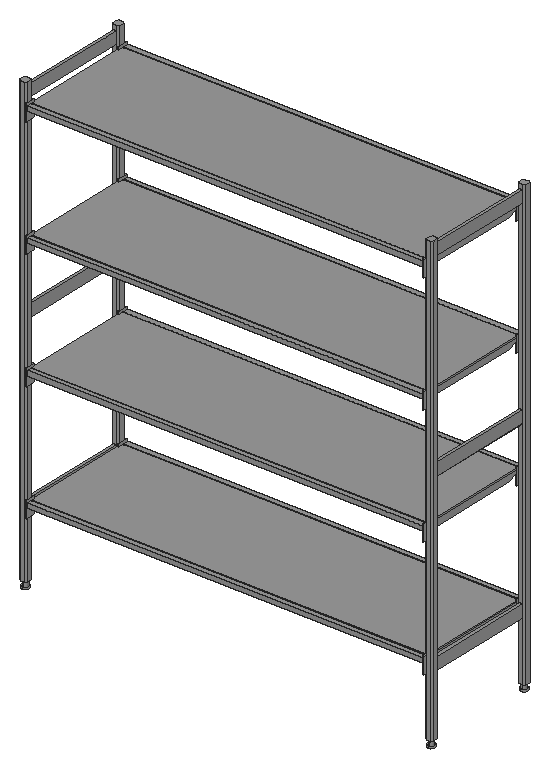
Revit family "QF_ZANUSSI_137038_BLS1569", category Attrezzature speciali, Revit 2020
Family settings
  Quota connettore circolare = Usa diametro
  Tipo di parte = Normale
  Basato su piano di lavoro = No
  Sempre verticale = Sì
  Taglio con vuoti quando caricato = No
  Condiviso = No
  Punto di calcolo locali = No
Parameters (values of type "Standard")
  Weight = 28.00 kg
  Watts = 0 W
  Volts = 0 V
  URL Manufacturer = "http://www.zanussiprofessional.com"
  URL = "http://www.zanussiprofessional.com"
  Steam Supply Size = 0 mm
  Steam Supply Minimum Pressure = 0.0 Pa
  Steam Supply Maximum Pressure = 0.0 Pa
  Steam Consumption per Hour = 0
  Refrigeration Suction Line Size = 0.0 mm
  Refrigeration Liquid Line Size = 0.0 mm
  Refrigerant Compressor Remote = yes
  Prospetto di default = 0.0 mm
  Phase = 0
  Modello = "BLS1569"
  Produttore = "Zanussi"
  Length Actual = 1569.0 mm  # constant formula
  Item Number = "137038"
  Hot Water Size = 0 mm
  Height Actual = 1700.0 mm  # constant formula
  HP = "0 HP"
  Gas Size = 0 mm
  Gas KW = 0
  Gas Input Pressure = 0 W
  Direct Waste Size = 0 mm
  Descrizione = "ALUM.LINEAR SHELV.-POLY.TIERS-475X1569MM"
  Depth Actual = 475.0 mm  # constant formula
  Cycle = 0 Hz
  Condensate Return Size = 0 mm
  Compressed Air Volume = 0.0 L/s
  Compressed Air Size = 0 mm
  Compressed Air Pressure = 0.0 Pa
  Cold Water Size = 0 mm
  Accessory = yes
Reference planes
  plane 1: z = 0
  plane 2 "Center (Left/Right)": x = -31
  plane 3 "LEFT": x = -815.5
  plane 4 "RIGHT": x = 753.5
  plane 5 "BACK": y = 23
  plane 6 "FRONT": y = -452
  plane 7 "TOP": z = 1700
  plane 8: x = 748.5
  plane 9: x = -783.5
  plane 10: x = 721.5
  plane 11 "Center (Front/Back)": y = -214.5
  plane 12: x = 716.5
  plane 13: y = -8.5
  plane 14: y = -420.5
  plane 15 "FEET": z = 25
  plane 16: z = 275
  plane 17: z = 725
  plane 18: z = 1175
  plane 19: z = 1625
  plane 20 "CXLeft": x = -801.5
  plane 21 "CXRight": x = 739.5
  plane 22: y = 5.5
  plane 23 "CYBack": y = 5.5
  plane 24 "CYFront": y = -434.5
Forms (mm)
  Extrusion 1, solid, material "QF_Aluminum"
    sketch origin (-815.5, 0, 0) x (0, 1, 0) y (0, 0, 1)
      loop
        line (4, 1650.994) -> (4, 1632.998) -> (23, 1632.998) -> (23, 1650.994) -> (4, 1650.994)
      loop
        line (-433, 1650.994) -> (-452, 1650.994) -> (-452, 1632.998) -> (-433, 1632.998) -> (-433, 1650.994)
      loop
        line (4, 1200.994) -> (4, 1182.998) -> (23, 1182.998) -> (23, 1200.994) -> (4, 1200.994)
      loop
        line (-433, 1200.994) -> (-452, 1200.994) -> (-452, 1182.998) -> (-433, 1182.998) -> (-433, 1200.994)
      loop
        line (4, 750.994) -> (4, 732.998) -> (23, 732.998) -> (23, 750.994) -> (4, 750.994)
      loop
        line (-433, 750.994) -> (-452, 750.994) -> (-452, 732.998) -> (-433, 732.998) -> (-433, 750.994)
      loop
        line (4, 300.994) -> (4, 282.998) -> (23, 282.998) -> (23, 300.994) -> (4, 300.994)
      loop
        line (-433, 300.994) -> (-452, 300.994) -> (-452, 282.998) -> (-433, 282.998) -> (-433, 300.994)
    from 32 to 1537
  Extrusion 2, solid, material "QF_Polyethylene"
    sketch origin (-815.5, 0, 0) x (0, 1, 0) y (0, 0, 1)
      loop
        line (2.007, 1650.994) -> (-431, 1650.994) -> (-431, 1644.496) -> (2.007, 1644.496) -> (2.007, 1650.994)
      loop
        line (2.007, 1200.994) -> (-431, 1200.994) -> (-431, 1194.496) -> (2.007, 1194.496) -> (2.007, 1200.994)
      loop
        line (2.007, 750.994) -> (-431, 750.994) -> (-431, 744.496) -> (2.007, 744.496) -> (2.007, 750.994)
      loop
        line (2.007, 300.994) -> (-431, 300.994) -> (-431, 294.496) -> (2.007, 294.496) -> (2.007, 300.994)
    from 32 to 1537
  Extrusion 3, solid, material "QF_Aluminum"
    sketch origin (753.5, 0, 0) x (0, 1, 0) y (0, 0, 1)
      loop
        line (-12, 1632.998) -> (4, 1632.998) -> (4, 1650.994) -> (2.007, 1650.994) -> (2.007, 1644.496) -> (-431, 1644.496) -> (-431, 1650.994) -> (-433, 1650.994) -> (-433, 1632.998) -> (-417, 1632.998) -> (-383, 1620.994) -> (-46, 1620.994) -> (-12, 1632.998)
      loop
        line (-12, 1182.998) -> (4, 1182.998) -> (4, 1200.994) -> (2.007, 1200.994) -> (2.007, 1194.496) -> (-431, 1194.496) -> (-431, 1200.994) -> (-433, 1200.994) -> (-433, 1182.998) -> (-417, 1182.998) -> (-383, 1170.994) -> (-46, 1170.994) -> (-12, 1182.998)
      loop
        line (-12, 732.998) -> (4, 732.998) -> (4, 750.994) -> (2.007, 750.994) -> (2.007, 744.496) -> (-431, 744.496) -> (-431, 750.994) -> (-433, 750.994) -> (-433, 732.998) -> (-417, 732.998) -> (-383, 720.994) -> (-46, 720.994) -> (-12, 732.998)
      loop
        line (-12, 282.998) -> (4, 282.998) -> (4, 300.994) -> (2.007, 300.994) -> (2.007, 294.496) -> (-431, 294.496) -> (-431, 300.994) -> (-433, 300.994) -> (-433, 282.998) -> (-417, 282.998) -> (-383, 270.994) -> (-46, 270.994) -> (-12, 282.998)
    from -32 to -37
Lines and regions (mm)
  symbolic lines
    curve 1: line (721.5, 4, 1700) -> (-783.5, 4, 1700)
    curve 2: line (-787.5, 23, 1700) -> (725.5, 23, 1700)
    curve 3: line (725.5, 13.246, 1700) -> (731.754, 19.5, 1700)
    curve 4: line (731.754, -8.5, 1700) -> (725.5, -2.246, 1700)
    curve 5: line (731.754, -420.5, 1700) -> (725.5, -426.754, 1700)
    curve 6: line (-787.5, -452, 1700) -> (725.5, -452, 1700)
    curve 7: line (725.5, 23, 1700) -> (725.5, -12.993, 1700)
    curve 8: line (725.5, -12.993, 1700) -> (721.5, -12.993, 1700)
    curve 9: line (725.5, -452, 1700) -> (725.5, -416.007, 1700)
    curve 10: line (725.5, -416.007, 1700) -> (721.5, -416.007, 1700)
    curve 11: line (-783.5, -12.993, 1700) -> (-783.5, -416.007, 1700)
    curve 12: line (-783.5, -433, 1700) -> (721.5, -433, 1700)
    curve 13: line (721.5, -12.993, 1700) -> (721.5, -416.007, 1700)
Dimensions and locks
  locked: plane 3 "LEFT" to plane 4 "RIGHT" at 1569
  equal spacing: plane 3 "LEFT", plane 2 "Center (Left/Right)", plane 4 "RIGHT"
  locked: plane 7 "TOP" to level at 1700
  locked: plane 5 "BACK" to plane 6 "FRONT" at 475
  locked: plane 4 "RIGHT" to plane 8 at 5
  locked: plane 9 to plane 10 at 1505
  locked: plane 3 "LEFT" to plane 9 at 32
  plane 12 to plane 10 = 5.0 mm
  locked: plane 13 to plane 14 at 412
  equal spacing: plane 13, plane 11 "Center (Front/Back)", plane 14
  equal spacing: plane 5 "BACK", plane 11 "Center (Front/Back)", plane 6 "FRONT"
  plane 15 "FEET" to level = 25.0 mm
  plane 7 "TOP" to plane 15 "FEET" = 1675.0 mm
  plane 16 to plane 15 "FEET" = 250.0 mm
  plane 17 to plane 16 = 450.0 mm
  plane 18 to plane 17 = 450.0 mm
  plane 19 to plane 18 = 450.0 mm
  locked: plane 3 "LEFT" to plane 20 "CXLeft" at 14
  locked: plane 21 "CXRight" to plane 4 "RIGHT" at 14
  locked: plane 5 "BACK" to plane 23 "CYBack" at 17.5
  locked: plane 24 "CYFront" to plane 6 "FRONT" at 17.5
  aligned and locked: level to plane 1
  aligned and locked: plane 9 to Extrusion 2
  aligned and locked: Extrusion 2 to plane 10
  aligned and locked: plane 9 to Extrusion 1
  aligned and locked: Extrusion 1 to plane 10
  aligned and locked: Extrusion 1 sketch curve to Extrusion 1 sketch curve  (x2)
  aligned and locked: Extrusion 3 sketch curve to Extrusion 3 sketch curve  (x3)
  aligned and locked: Extrusion 3 to plane 12
  aligned and locked: Extrusion 3 to plane 10
  aligned and locked: nested 1 to plane 20 "CXLeft"
  aligned and locked: nested 2 to plane 21 "CXRight"
Automatic sketch dimensions
  Extrusion 1 sketch curve to plane 6 "FRONT" = 0.0 mm  (x4)
  Extrusion 1 sketch curve to plane 5 "BACK" = 0.0 mm  (x4)
  plane 24 "CYFront" to Extrusion 1 sketch curve = 1.5 mm  (x2)
  plane 22 to Extrusion 1 sketch curve = 1.5 mm  (x4)
  plane 16 to Extrusion 1 sketch curve = 7.998 mm  (x2)
  Extrusion 1 sketch curve to Extrusion 1 sketch curve = 17.997 mm  (x8)
  plane 17 to Extrusion 1 sketch curve = 7.998 mm  (x2)
  plane 18 to Extrusion 1 sketch curve = 7.998 mm  (x2)
  plane 19 to Extrusion 1 sketch curve = 7.998 mm  (x2)
  plane 24 "CYFront" to Extrusion 2 sketch curve = 3.5 mm  (x4)
  plane 22 to Extrusion 2 sketch curve = 3.493 mm  (x4)
  plane 16 to Extrusion 2 sketch curve = 19.496 mm
  Extrusion 2 sketch curve to Extrusion 2 sketch curve = 6.499 mm  (x4)
  plane 17 to Extrusion 2 sketch curve = 19.496 mm
  plane 18 to Extrusion 2 sketch curve = 19.496 mm
  plane 19 to Extrusion 2 sketch curve = 19.496 mm
  plane 24 "CYFront" to Extrusion 3 sketch curve = 1.5 mm  (x4)
  Extrusion 3 sketch curve to Extrusion 3 sketch curve = 2.0 mm
  plane 14 to Extrusion 3 sketch curve = 3.5 mm  (x4)
  Extrusion 3 sketch curve to plane 16 = 4.006 mm
  Extrusion 3 sketch curve to Extrusion 3 sketch curve = 34.0 mm  (x4)
  Extrusion 3 sketch curve to plane 17 = 4.006 mm
  Extrusion 3 sketch curve to plane 18 = 4.006 mm
  Extrusion 3 sketch curve to plane 19 = 4.006 mm
  Extrusion 3 sketch curve to plane 13 = 37.5 mm  (x4)
  Extrusion 3 sketch curve to plane 13 = 3.5 mm  (x4)
  plane 22 to Extrusion 3 sketch curve = 3.493 mm  (x4)
  plane 22 to Extrusion 3 sketch curve = 1.5 mm  (x4)
  plane 16 to Extrusion 3 sketch curve = 7.998 mm  (x2)
  Extrusion 3 sketch curve to Extrusion 3 sketch curve = 11.498 mm  (x4)
  Extrusion 3 sketch curve to Extrusion 3 sketch curve = 6.499 mm  (x8)
  plane 17 to Extrusion 3 sketch curve = 7.998 mm  (x2)
  plane 18 to Extrusion 3 sketch curve = 7.998 mm  (x2)
  plane 19 to Extrusion 3 sketch curve = 7.998 mm  (x2)
  curve 6 to plane 6 "FRONT" = 0.0 mm
  curve 12 to plane 9 = 0.0 mm
  curve 12 to plane 10 = 0.0 mm
  curve 5 to plane 14 = 0.0 mm
  curve 11 to plane 9 = 0.0 mm
  curve 8 to plane 10 = 0.0 mm
  curve 4 to plane 13 = 0.0 mm
  curve 1 to plane 9 = 0.0 mm
  curve 1 to plane 10 = 0.0 mm
  curve 2 to plane 5 "BACK" = 0.0 mm
  plane 14 to curve 10 = 4.493 mm
  curve 7 to plane 13 = 4.493 mm
  curve 10 to plane 10 = 4.0 mm
  curve 7 to plane 10 = 4.0 mm
  plane 24 "CYFront" to curve 12 = 1.5 mm
  curve 5 to plane 14 = 6.254 mm
  plane 14 to curve 11 = 4.493 mm
  curve 11 to plane 13 = 4.493 mm
  plane 13 to curve 4 = 6.254 mm
  plane 22 to curve 1 = 1.5 mm
  curve 3 to plane 22 = 7.746 mm
  curve 3 to plane 5 "BACK" = 3.5 mm
  curve 5 to curve 9 = 6.254 mm
  curve 3 to curve 2 = 6.254 mm
  curve 4 to curve 7 = 6.254 mm
  plane 9 to curve 2 = 4.0 mm
  plane 9 to curve 6 = 4.0 mm
Nested families
  nested 1: "WT_Anta475" at (-398.5, 0, 0), type "WT_Anta475"
  nested 2: "WT_Anta475" at (336.5, 0, 0) x (-1, 0, 0) z (0, 0, 1), type "WT_Anta475"
Definition of nested family "WT_Anta475"
  Parameters
    WidthLeft = A + 64.0 mm  # 772.0 mm
    Width = 1606.0 mm
    Right = WidthLeft / 2  # 386.0 mm
    Default Elevation = 0.0 mm
    Left = -WidthLeft / 2  # -386.0 mm
    Height = 1725.0 mm
    FEET = 25.0 mm
    E = 0.0 mm
    Dint = Depth - 63.0 mm  # 412.0 mm
    Dext = Depth - 8.0 mm  # 467.0 mm
    Depth = 475.0 mm
    DX = (WidthLeft - A) / 2  # 32.0 mm
    B = 798.0 mm
    A = 708.0 mm
  Reference planes
    plane 1: z = 0
    plane 2 "LEFT": x = -417
    plane 3 "BACK": y = 23
    plane 4 "FRONT": y = -452
    plane 5 "TOP": z = 1725
    plane 6 "Center (Front/Back)": y = -214.5
    plane 7: y = -8.5
    plane 8: y = -420.5
    plane 9 "FEET": z = 25
    plane 10: z = 275
    plane 11: z = 725
    plane 12: z = 1175
    plane 13: z = 1625
    plane 14 "CXLeft": x = -403
    plane 15: y = 5.5
    plane 16 "CYBack": y = 5.5
    plane 17 "CYFront": y = -434.5
    plane 18: x = -385.031
    plane 19: x = -380.031
  Forms (mm)
    Extrusion 1, solid
      sketch origin (0, 0, 0) x (1, 0, 0) y (0, 1, 0)
        loop
          line (-417, 13.246) -> (-417, -2.246) -> (-410.746, -8.5) -> (-395.254, -8.5) -> (-389, -2.246) -> (-389, 13.246) -> (-395.254, 19.5) -> (-410.746, 19.5) -> (-417, 13.246)
      from 1725 to 25
    Extrusion 2, solid
      sketch origin (-417, 0, 0) x (0, 1, 0) y (0, 0, 1)
        loop
          line (23, 246.005) -> (23, 307.993) -> (-12.993, 307.993) -> (-12.993, 246.005) -> (23, 246.005)
        loop
          line (-452, 246.005) -> (-416.007, 246.005) -> (-416.007, 307.993) -> (-452, 307.993) -> (-452, 246.005)
        loop
          line (23, 696.005) -> (23, 757.993) -> (-12.993, 757.993) -> (-12.993, 696.005) -> (23, 696.005)
        loop
          line (-452, 696.005) -> (-416.007, 696.005) -> (-416.007, 757.993) -> (-452, 757.993) -> (-452, 696.005)
        loop
          line (23, 1146.005) -> (23, 1207.993) -> (-12.993, 1207.993) -> (-12.993, 1146.005) -> (23, 1146.005)
        loop
          line (-452, 1146.005) -> (-416.007, 1146.005) -> (-416.007, 1207.993) -> (-452, 1207.993) -> (-452, 1146.005)
        loop
          line (23, 1596.005) -> (23, 1657.993) -> (-12.993, 1657.993) -> (-12.993, 1596.005) -> (23, 1596.005)
        loop
          line (-452, 1596.005) -> (-416.007, 1596.005) -> (-416.007, 1657.993) -> (-452, 1657.993) -> (-452, 1596.005)
      from 28 to 32
    Revolve 3, solid
      sketch origin (-403, 0, 0) x (0, 1, 0) y (0, 0, 1)
        loop
          line (5.5, 25) -> (5.5, 0) -> (19, 0) -> (19, 5) -> (14, 5) -> (14, 25) -> (5.5, 25)
        axis (5.5, 25) -> (5.5, 0)
      angle from 0 to 360
    Extrusion 4, solid
      sketch origin (-403, 0, 0) x (0, 1, 0) y (0, 0, 1)
        loop
          line (-8.5, 912.382) -> (-8.5, 957.374) -> (-420.5, 957.374) -> (-420.5, 912.382) -> (-8.5, 912.382)
        loop
          line (-8.5, 1662.244) -> (-8.5, 1707.236) -> (-420.5, 1707.236) -> (-420.5, 1662.244) -> (-8.5, 1662.244)
      from -5 to 5
    Revolve 5, solid
      sketch origin (-403, -627, 0) x (0, -1, 0) y (0, 0, 1)
        loop
          line (-192.5, 25) -> (-192.5, 0) -> (-179, 0) -> (-179, 5) -> (-184, 5) -> (-184, 25) -> (-192.5, 25)
        axis (-192.5, 25) -> (-192.5, 0)
      angle from 0 to 360
    Extrusion 6, solid
      sketch origin (0, -627, 0) x (1, 0, 0) y (0, 1, 0)
        loop
          line (-417, 184.754) -> (-410.746, 178.5) -> (-395.254, 178.5) -> (-389, 184.754) -> (-389, 200.246) -> (-395.254, 206.5) -> (-410.746, 206.5) -> (-417, 200.246) -> (-417, 184.754)
      from 1725 to 25
    Extrusion 7, solid
      sketch origin (-417.031, -0.022, 0) x (0, 1, 0) y (0, 0, -1)
        loop
          line (-12, -1632.998) -> (-46, -1620.994) -> (-383, -1620.994) -> (-417, -1632.998) -> (-433, -1632.998) -> (-433, -1650.994) -> (-431, -1650.994) -> (-431, -1644.496) -> (2.007, -1644.496) -> (2.007, -1650.994) -> (4, -1650.994) -> (4, -1632.998) -> (-12, -1632.998)
        loop
          line (-12, -1182.998) -> (-46, -1170.994) -> (-383, -1170.994) -> (-417, -1182.998) -> (-433, -1182.998) -> (-433, -1200.994) -> (-431, -1200.994) -> (-431, -1194.496) -> (2.007, -1194.496) -> (2.007, -1200.994) -> (4, -1200.994) -> (4, -1182.998) -> (-12, -1182.998)
        loop
          line (-12, -732.998) -> (-46, -720.994) -> (-383, -720.994) -> (-417, -732.998) -> (-433, -732.998) -> (-433, -750.994) -> (-431, -750.994) -> (-431, -744.496) -> (2.007, -744.496) -> (2.007, -750.994) -> (4, -750.994) -> (4, -732.998) -> (-12, -732.998)
        loop
          line (-12, -282.998) -> (-46, -270.994) -> (-383, -270.994) -> (-417, -282.998) -> (-433, -282.998) -> (-433, -300.994) -> (-431, -300.994) -> (-431, -294.496) -> (2.007, -294.496) -> (2.007, -300.994) -> (4, -300.994) -> (4, -282.998) -> (-12, -282.998)
      from -32 to -37
    Extrusion 8, solid
      sketch origin (-403, 0, -659.878) x (0, 1, 0) y (0, 0, 1)
        loop
          line (-8.5, 912.382) -> (-8.5, 957.374) -> (-420.5, 957.374) -> (-420.5, 912.382) -> (-8.5, 912.382)
        loop
          line (-8.5, 1572.382) -> (-8.5, 1617.374) -> (-420.5, 1617.374) -> (-420.5, 1572.382) -> (-8.5, 1572.382)
        loop
          line (-8.5, 2322.382) -> (-8.5, 2367.374) -> (-420.5, 2367.374) -> (-420.5, 2322.382) -> (-8.5, 2322.382)
      from -5 to 5
  Lines and regions (mm)
    symbolic lines
      curve 1: line (-408, -8.5, 1725) -> (-408, -420.5, 1725)
      curve 2: line (-398, -420.5, 1725) -> (-398, -8.5, 1725)
      curve 3: line (-395.254, -8.5, 1725) -> (-410.746, -8.5, 1725)
      curve 4: line (-417, -2.246, 1725) -> (-410.746, -8.5, 1725)
      curve 5: line (-417, 13.246, 1725) -> (-417, -2.246, 1725)
      curve 6: line (-410.746, 19.5, 1725) -> (-417, 13.246, 1725)
      curve 7: line (-395.254, 19.5, 1725) -> (-410.746, 19.5, 1725)
      curve 8: line (-389, 13.246, 1725) -> (-395.254, 19.5, 1725)
      curve 9: line (-395.254, -8.5, 1725) -> (-389, -2.246, 1725)
      curve 10: line (-395.254, -420.5, 1725) -> (-410.746, -420.5, 1725)
      curve 11: line (-417, -426.754, 1725) -> (-410.746, -420.5, 1725)
      curve 12: line (-410.746, -448.5, 1725) -> (-417, -442.246, 1725)
      curve 13: line (-395.254, -448.5, 1725) -> (-410.746, -448.5, 1725)
      curve 14: line (-389, -442.246, 1725) -> (-395.254, -448.5, 1725)
      curve 15: line (-395.254, -420.5, 1725) -> (-389, -426.754, 1725)
      curve 16: line (-389, -452, 1725) -> (-389, -416.007, 1725)
      curve 17: line (-389, -416.007, 1725) -> (-385, -416.007, 1725)
      curve 18: line (-389, 23, 1725) -> (-389, -12.993, 1725)
      curve 19: line (-389, -12.993, 1725) -> (-385, -12.993, 1725)
      curve 20: line (-417, -426.754, 1725) -> (-417, -442.246, 1725)
      curve 21: line (-385, -452, 1725) -> (-385, -416.007, 1725)
      curve 22: line (-385, -452, 1725) -> (-389, -452, 1725)
      curve 23: line (-385, 23, 1725) -> (-389, 23, 1725)
      curve 24: line (-385, -12.993, 1725) -> (-385, 23, 1725)
      curve 25: line (-385.031, -13.016, 1725) -> (-385.031, -416.029, 1725)
  Dimensions and locks
    "Height": plane 5 "TOP" to level
    "Depth": plane 3 "BACK" to plane 4 "FRONT"
    "Dint": plane 7 to plane 8
    equal spacing: plane 7, plane 6 "Center (Front/Back)", plane 8
    equal spacing: plane 3 "BACK", plane 6 "Center (Front/Back)", plane 4 "FRONT"
    plane 9 "FEET" to level = 25.0 mm
    plane 5 "TOP" to plane 9 "FEET" = 1700.0 mm
    plane 10 to plane 9 "FEET" = 250.0 mm
    plane 11 to plane 10 = 450.0 mm
    plane 12 to plane 11 = 450.0 mm
    plane 13 to plane 12 = 450.0 mm
    locked: plane 2 "LEFT" to plane 14 "CXLeft" at 14
    locked: plane 3 "BACK" to plane 16 "CYBack" at 17.5
    locked: plane 17 "CYFront" to plane 4 "FRONT" at 17.5
    locked: Revolve 3 sketch curve to Revolve 3 sketch curve at 8.5
    locked: Revolve 3 sketch curve to plane 16 "CYBack" at 13.5
    locked: Revolve 5 sketch curve to Revolve 5 sketch curve at 8.5
    aligned and locked: level to plane 1
    aligned and locked: curve 20 to Extrusion 6
    aligned and locked: plane 5 "TOP" to Extrusion 1
    aligned and locked: plane 5 "TOP" to Extrusion 6
    aligned and locked: Extrusion 7 sketch curve to Extrusion 7 sketch curve  (x3)
  Automatic sketch dimensions
    curve 16 to plane 4 "FRONT" = 0.0 mm
    curve 11 to plane 8 = 0.0 mm
    curve 9 to plane 7 = 0.0 mm
    curve 5 to plane 2 "LEFT" = 0.0 mm
    curve 23 to plane 3 "BACK" = 0.0 mm
    plane 4 "FRONT" to curve 13 = 3.5 mm
    curve 20 to plane 17 "CYFront" = 7.746 mm
    curve 20 to plane 8 = 6.254 mm
    plane 8 to curve 16 = 4.493 mm
    curve 24 to plane 18 = 0.031 mm
    curve 24 to plane 7 = 4.493 mm
    plane 7 to curve 5 = 6.254 mm
    curve 5 to plane 15 = 7.746 mm
    curve 6 to plane 3 "BACK" = 3.5 mm
    curve 21 to plane 18 = 0.031 mm
    plane 18 to curve 23 = 3.969 mm
    plane 18 to curve 16 = 3.969 mm
    curve 18 to curve 8 = 6.254 mm
    curve 18 to curve 3 = 6.254 mm
    curve 16 to curve 13 = 6.254 mm
    curve 16 to curve 15 = 6.254 mm
    plane 2 "LEFT" to curve 10 = 6.254 mm
    plane 2 "LEFT" to curve 7 = 6.254 mm
    plane 2 "LEFT" to curve 12 = 6.254 mm
    plane 2 "LEFT" to curve 3 = 6.254 mm
    curve 14 to plane 17 "CYFront" = 7.746 mm
    curve 15 to plane 8 = 6.254 mm
    plane 7 to curve 9 = 6.254 mm
    curve 8 to plane 15 = 7.746 mm
    curve 3 to curve 2 = 2.746 mm
    curve 1 to curve 10 = 2.746 mm
    Extrusion 1 sketch curve to plane 2 "LEFT" = 0.0 mm
    Extrusion 1 sketch curve to plane 7 = 0.0 mm
    plane 2 "LEFT" to Extrusion 1 sketch curve = 6.254 mm  (x2)
    plane 14 "CXLeft" to Extrusion 1 sketch curve = 7.746 mm  (x2)
    Extrusion 1 sketch curve to plane 3 "BACK" = 3.5 mm
    plane 18 to Extrusion 1 sketch curve = 3.969 mm
    plane 7 to Extrusion 1 sketch curve = 6.254 mm  (x2)
    Extrusion 1 sketch curve to plane 15 = 7.746 mm  (x2)
    Extrusion 2 sketch curve to plane 4 "FRONT" = 0.0 mm  (x4)
    Extrusion 2 sketch curve to plane 3 "BACK" = 0.0 mm  (x4)
    plane 8 to Extrusion 2 sketch curve = 4.493 mm  (x4)
    Extrusion 2 sketch curve to plane 7 = 4.493 mm  (x4)
    Extrusion 2 sketch curve to plane 10 = 28.995 mm  (x2)
    plane 10 to Extrusion 2 sketch curve = 32.993 mm  (x2)
    Extrusion 2 sketch curve to plane 11 = 28.995 mm  (x2)
    plane 11 to Extrusion 2 sketch curve = 32.993 mm  (x2)
    Extrusion 2 sketch curve to plane 12 = 28.995 mm  (x2)
    plane 12 to Extrusion 2 sketch curve = 32.993 mm  (x2)
    Extrusion 2 sketch curve to plane 13 = 28.995 mm  (x2)
    plane 13 to Extrusion 2 sketch curve = 32.993 mm  (x2)
    Revolve 3 sketch curve to plane 9 "FEET" = 0.0 mm  (x2)
    Revolve 3 sketch curve to plane 15 = 0.0 mm  (x2)
    Revolve 3 sketch curve to level = 0.0 mm
    level to Revolve 3 sketch curve = 5.0 mm
    Revolve 3 sketch curve to Revolve 3 sketch curve = 11.655 mm
    Extrusion 4 sketch curve to plane 8 = 0.0 mm  (x2)
    Extrusion 4 sketch curve to plane 7 = 0.0 mm  (x2)
    plane 11 to Extrusion 4 sketch curve = 187.382 mm
    Extrusion 4 sketch curve to Extrusion 4 sketch curve = 44.992 mm
    plane 13 to Extrusion 4 sketch curve = 37.244 mm
    Extrusion 4 sketch curve to plane 5 "TOP" = 17.764 mm
    Revolve 5 sketch curve to plane 9 "FEET" = 0.0 mm  (x2)
    Revolve 5 sketch curve to plane 17 "CYFront" = 0.0 mm  (x2)
    Revolve 5 sketch curve to level = 0.0 mm
    Revolve 5 sketch curve to plane 4 "FRONT" = 4.0 mm
    Revolve 5 sketch curve to Revolve 5 sketch curve = 5.0 mm
    level to Revolve 5 sketch curve = 11.655 mm
    Extrusion 6 sketch curve to plane 2 "LEFT" = 0.0 mm
    Extrusion 6 sketch curve to plane 8 = 0.0 mm
    Extrusion 6 sketch curve to plane 2 "LEFT" = 6.254 mm  (x2)
    Extrusion 6 sketch curve to plane 14 "CXLeft" = 7.746 mm  (x2)
    Extrusion 6 sketch curve to plane 4 "FRONT" = 3.5 mm
    Extrusion 6 sketch curve to plane 18 = 3.969 mm
    plane 8 to Extrusion 6 sketch curve = 6.254 mm  (x2)
    plane 17 "CYFront" to Extrusion 6 sketch curve = 7.746 mm  (x2)
    plane 17 "CYFront" to Extrusion 7 sketch curve = 1.478 mm  (x4)
    Extrusion 7 sketch curve to Extrusion 7 sketch curve = 2.0 mm
    plane 8 to Extrusion 7 sketch curve = 3.478 mm  (x4)
    Extrusion 7 sketch curve to plane 10 = 4.006 mm
    Extrusion 7 sketch curve to Extrusion 7 sketch curve = 34.0 mm  (x4)
    Extrusion 7 sketch curve to plane 11 = 4.006 mm
    Extrusion 7 sketch curve to plane 12 = 4.006 mm
    Extrusion 7 sketch curve to plane 13 = 4.006 mm
    Extrusion 7 sketch curve to plane 7 = 37.522 mm  (x4)
    Extrusion 7 sketch curve to plane 7 = 3.522 mm  (x4)
    plane 15 to Extrusion 7 sketch curve = 3.516 mm  (x4)
    plane 15 to Extrusion 7 sketch curve = 1.522 mm  (x4)
    plane 13 to Extrusion 7 sketch curve = 7.998 mm  (x2)
    Extrusion 7 sketch curve to Extrusion 7 sketch curve = 11.498 mm
    Extrusion 7 sketch curve to Extrusion 7 sketch curve = 6.499 mm  (x5)
    plane 12 to Extrusion 7 sketch curve = 25.994 mm  (x2)
    plane 12 to Extrusion 7 sketch curve = 7.998 mm  (x2)
    plane 11 to Extrusion 7 sketch curve = 25.994 mm  (x2)
    plane 11 to Extrusion 7 sketch curve = 7.998 mm  (x2)
    plane 10 to Extrusion 7 sketch curve = 25.994 mm  (x2)
    plane 10 to Extrusion 7 sketch curve = 7.998 mm  (x2)
    curve 25 to plane 18 = 0.0 mm
    plane 8 to curve 25 = 4.471 mm
    curve 25 to plane 7 = 4.516 mm
    Extrusion 8 sketch curve to plane 8 = 0.0 mm  (x3)
    Extrusion 8 sketch curve to plane 7 = 0.0 mm  (x3)
    Extrusion 8 sketch curve to plane 10 = 22.496 mm
    plane 10 to Extrusion 8 sketch curve = 22.496 mm
    plane 11 to Extrusion 8 sketch curve = 187.504 mm
    Extrusion 8 sketch curve to Extrusion 8 sketch curve = 44.992 mm
    plane 13 to Extrusion 8 sketch curve = 37.504 mm
    Extrusion 8 sketch curve to plane 5 "TOP" = 17.504 mm
